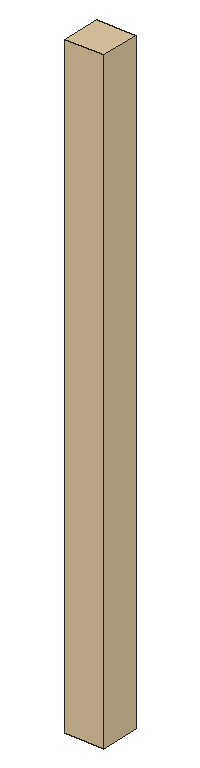
Revit family
Parameters (values of type "191 x 191mm")
  깊이 = 191.00 mm
  재료 = 목재 - 치수 재목
  폭 = 191.00 mm
Types (8, lengths in mm): name | 깊이 | 폭
  (no name) | 191.00 | 191.00
  140 x 191mm | 191.00 | 140.00
  191 x 191mm | 191.00 | 191.00
  140 x 140mm | 140.00 | 140.00
  191 x 241mm | 241.00 | 191.00
  114 x 114mm | 114.00 | 114.00
  140 x 241mm | 241.00 | 140.00
  191 x 292mm | 292.00 | 191.00
Reference planes
  plane 1: y = 0
  plane 2: z = 0
  plane 3: x = 0
  plane 4: x = -95.5
  plane 5: x = 95.5
  plane 6: y = 95.5
  plane 7: y = -95.5
Forms (mm)
  Extrusion 1, solid, material "목재 - 치수 재목" <- "재료"
    sketch origin (0, 0, 0) x (1, 0, 0) y (0, 1, 0)
      loop
        line (-95.5, -95.5) -> (95.5, -95.5) -> (95.5, 95.5) -> (-95.5, 95.5) -> (-95.5, -95.5)
    from 0 to 3000
Lines and regions (mm)
  symbolic lines
    curve 1: line (-95.5, 95.5, 0) -> (95.5, -95.5, 0)
    curve 2: line (95.5, 95.5, 0) -> (-95.5, -95.5, 0)
Dimensions and locks
  equal spacing: plane 4, plane 3, plane 5
  equal spacing: plane 7, plane 1, plane 6
  "폭": plane 4 to plane 5
  "깊이": plane 7 to plane 6
  aligned and locked: plane 4 to Extrusion 1 sketch curve
  aligned and locked: plane 5 to Extrusion 1 sketch curve
  aligned and locked: Extrusion 1 sketch curve to plane 5
  aligned and locked: level to Extrusion 1
Automatic sketch dimensions
  Extrusion 1 sketch curve to plane 7 = 0.00 mm
  Extrusion 1 sketch curve to plane 6 = 0.00 mm
  curve 2 to plane 5 = 0.00 mm
  curve 1 to plane 5 = 0.00 mm
  curve 1 to plane 7 = 0.00 mm
  curve 2 to plane 6 = 0.00 mm
  curve 1 to plane 6 = 0.00 mm
  curve 2 to plane 4 = 0.00 mm
  curve 1 to plane 4 = 0.00 mm
  curve 2 to plane 7 = 0.00 mm
